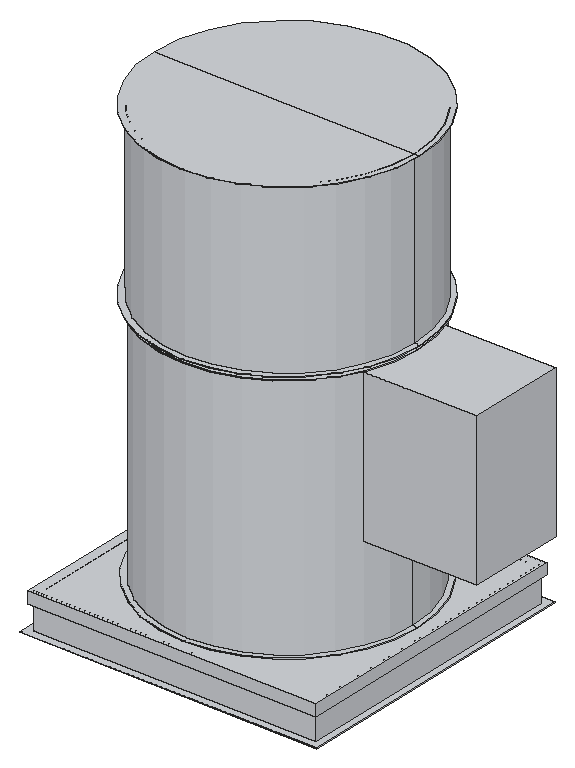
Revit family "TCNHU-B", category Mechanical Equipment, Revit 2019
Family settings
  Round Connector Dimension = Use Diameter
  Part Type = Normal
  Work Plane-Based = No
  Always vertical = Yes
  Cut with Voids When Loaded = No
  Shared = No
  Room Calculation Point = No
Parameters (values of type "445_TCNHU-B")
  Unit Weight [instance] = ""
  T_SQ/2 = T_SQ / 2  # 3' - 2"
  T_SQ = 6' - 4"
  Sones [instance] = ""
  RO/2 = RO / 2  # 2' - 11 3/4"
  RO = T_SQ - 0' 4 1/2"  # 5' - 11 1/2"
  Motor RPM [instance] = ""
  Motor Enclosure [instance] = ""
  ModelID [instance] = ""
  LwA [instance] = ""
  J/2 = J / 2  # 1' - 1"
  J = 2' - 2"
  H = 9' - 7 1/16"
  G = 3' - 4"
  Fan RPM [instance] = ""
  FAN_RAD = FAN_DIA / 2  # 2' - 9"
  FAN_DIA = 5' - 6"
  F = 8' - 2 11/16"
  E+A-1"-G = E + A - 0' 1" - G  # 2' - 4"
  E+A-1" = E + A - 0' 1"  # 5' - 8"
  E = 0' - 3"
  D/2 = D / 2  # 2' - 9"
  D = 5' - 6"
  CURB_HEIGHT [instance] = 0' - 9 1/2"
  CURB [instance] = yes
  C/2 = C / 2  # 2' - 11 1/8"
  C = 5' - 10 1/4"
  B = 3' - 10 1/16"
  Accessories [instance] = ""
  A-.5" = A - 0' 0 1/2"  # 5' - 5 1/2"
  A = 5' - 6"
  5" = 0' - 5"  # constant formula
  3" = 0' - 3"  # constant formula
  Brake Hp [instance] = ""
  4" = 0' - 4"  # constant formula
  2' = 2' - 0"
  2" = 0' - 2"  # constant formula
  1" = 0' - 1"  # constant formula
  0 = 0' - 0"  # constant formula
  Voltage [instance] = 0 V
  URL = "www.lorencook.com"
  Type Comments = "Tubular Centrifugal Upblast Roof Mounted / Exhaust Belt Drive"  # constant formula
  Static Pressure [instance] = 0.00 in-wg
  Power [instance] = Voltage * Motor FLA * sqrt(if(Phase = 3, 3, 1))  # 0 VA
  Phase [instance] = 0
  Number of Poles [instance] = 1
  Motor Hp [instance] = "0"
  Motor FLA [instance] = 0 A
  Model = "TCNHU-B"  # constant formula
  Manufacturer = "Loren Cook Company"
  CFM [instance] = 0 CFM
  1.5 = 0' - 1 1/2"  # constant formula
  ONE EIGTH = 0' - 0 1/8"  # constant formula
  (T_SQ/2)+.125" = (T_SQ / 2) + 0' 0 1/8"  # 3' - 2 1/8"
  (D+.25")/2 = (D + 0' 0 1/4") / 2  # 2' - 9 1/8"
  (B/2)-.5" = (B / 2) - 0' 0 1/2"  # 1' - 10 17/32"
Types (21): name | T_SQ/2 | T_SQ | RO/2 | RO | J/2 | J | H | G | FAN_RAD | FAN_DIA | F | E+A-1"-G | E+A-1" | E | D/2 | D | C/2 | C | B | A-.5" | A | (T_SQ/2)+.125" | (D+.25")/2 | (B/2)-.5"
  (no name) | 3' - 2" | 6' - 4" | 2' - 11 3/4" | 5' - 11 1/2" | 1' - 1" | 2' - 2" | 9' - 7 1/16" | 3' - 4" | 2' - 9" | 5' - 6" | 8' - 2 11/16" | 2' - 4" | 5' - 8" | 0' - 3" | 2' - 9" | 5' - 6" | 2' - 11 1/8" | 5' - 10 1/4" | 3' - 10 1/16" | 5' - 5 1/2" | 5' - 6" | 3' - 2 1/8" | 2' - 9 1/8" | 1' - 10 17/32"
  100_TCNHU-B | 1' - 0" | 2' - 0" | 0' - 9 3/4" | 1' - 7 1/2" | 0' - 6 1/2" | 1' - 1" | 3' - 3 7/8" | 1' - 6" | 0' - 8" | 1' - 4" | 2' - 9 1/4" | 0' - 6" | 2' - 0" | 0' - 3" | 0' - 8" | 1' - 4" | 0' - 9 1/2" | 1' - 7" | 1' - 2 7/8" | 1' - 9 1/2" | 1' - 10" | 1' - 0 1/8" | 0' - 8 1/8" | 0' - 6 15/16"
  120_TCNHU-B | 1' - 0" | 2' - 0" | 0' - 9 3/4" | 1' - 7 1/2" | 0' - 6 1/2" | 1' - 1" | 3' - 5 15/16" | 1' - 6" | 0' - 9" | 1' - 6" | 2' - 11" | 0' - 7" | 2' - 1" | 0' - 3" | 0' - 9" | 1' - 6" | 0' - 10 1/2" | 1' - 9" | 1' - 3 15/16" | 1' - 10 1/2" | 1' - 11" | 1' - 0 1/8" | 0' - 9 1/8" | 0' - 7 15/32"
  135_TCNHU-B | 1' - 2" | 2' - 4" | 0' - 11 3/4" | 1' - 11 1/2" | 0' - 6 1/2" | 1' - 1" | 3' - 9 1/2" | 1' - 6" | 0' - 10 1/2" | 1' - 9" | 3' - 3 1/8" | 0' - 8 1/2" | 2' - 2 1/2" | 0' - 3" | 0' - 10 1/2" | 1' - 9" | 1' - 0" | 2' - 0" | 1' - 6" | 2' - 0" | 2' - 0 1/2" | 1' - 2 1/8" | 0' - 10 5/8" | 0' - 8 1/2"
  150_TCNHU-B | 1' - 3" | 2' - 6" | 1' - 0 3/4" | 2' - 1 1/2" | 0' - 8 3/8" | 1' - 4 3/4" | 4' - 1 15/16" | 1' - 10" | 1' - 0" | 2' - 0" | 3' - 5 3/4" | 0' - 7" | 2' - 5" | 0' - 3" | 1' - 0" | 2' - 0" | 1' - 1 1/2" | 2' - 3" | 1' - 7 15/16" | 2' - 2 1/2" | 2' - 3" | 1' - 3 1/8" | 1' - 0 1/8" | 0' - 9 15/32"
  165_TCNHU-B | 1' - 3" | 2' - 6" | 1' - 0 3/4" | 2' - 1 1/2" | 0' - 8 3/8" | 1' - 4 3/4" | 4' - 4 3/8" | 1' - 10" | 1' - 1" | 2' - 2" | 3' - 7 3/16" | 0' - 8 1/2" | 2' - 6 1/2" | 0' - 3" | 1' - 1" | 2' - 2" | 1' - 2 1/2" | 2' - 5" | 1' - 8 7/8" | 2' - 4" | 2' - 4 1/2" | 1' - 3 1/8" | 1' - 1 1/8" | 0' - 9 15/16"
  180_TCNHU-B | 1' - 6" | 3' - 0" | 1' - 3 3/4" | 2' - 7 1/2" | 0' - 8 3/8" | 1' - 4 3/4" | 4' - 8 1/16" | 1' - 10" | 1' - 2" | 2' - 4" | 3' - 11 9/16" | 0' - 11" | 2' - 9" | 0' - 3" | 1' - 2" | 2' - 4" | 1' - 3 1/2" | 2' - 7" | 1' - 10 1/16" | 2' - 6 1/2" | 2' - 7" | 1' - 6 1/8" | 1' - 2 1/8" | 0' - 10 17/32"
  195_TCNHU-B | 1' - 7" | 3' - 2" | 1' - 4 3/4" | 2' - 9 1/2" | 0' - 8 3/8" | 1' - 4 3/4" | 5' - 0 11/16" | 1' - 10" | 1' - 3 1/2" | 2' - 7" | 4' - 2 7/16" | 1' - 1 1/4" | 2' - 11 1/4" | 0' - 3" | 1' - 3 1/2" | 2' - 7" | 1' - 5" | 2' - 10" | 2' - 0 7/16" | 2' - 8 3/4" | 2' - 9 1/4" | 1' - 7 1/8" | 1' - 3 5/8" | 0' - 11 23/32"
  210_TCNHU-B | 1' - 9" | 3' - 6" | 1' - 6 3/4" | 3' - 1 1/2" | 0' - 8 3/8" | 1' - 4 3/4" | 5' - 4 1/16" | 1' - 10" | 1' - 5" | 2' - 10" | 4' - 6 1/4" | 1' - 2 1/2" | 3' - 0 1/2" | 0' - 3" | 1' - 5" | 2' - 10" | 1' - 6 1/2" | 3' - 1" | 2' - 2 9/16" | 2' - 10" | 2' - 10 1/2" | 1' - 9 1/8" | 1' - 5 1/8" | 1' - 0 25/32"
  225_TCNHU-B | 1' - 9" | 3' - 6" | 1' - 6 3/4" | 3' - 1 1/2" | 0' - 9" | 1' - 6" | 5' - 5 3/4" | 2' - 1" | 1' - 6" | 3' - 0" | 4' - 11" | 1' - 0 1/2" | 3' - 1 1/2" | 0' - 3" | 1' - 6" | 3' - 0" | 1' - 8 1/8" | 3' - 4 1/4" | 2' - 3 1/4" | 2' - 11" | 2' - 11 1/2" | 1' - 9 1/8" | 1' - 6 1/8" | 1' - 1 1/8"
  245_TCNHU-B | 2' - 0" | 4' - 0" | 1' - 9 3/4" | 3' - 7 1/2" | 0' - 9" | 1' - 6" | 6' - 1 5/8" | 2' - 1" | 1' - 8" | 3' - 4" | 5' - 4 5/16" | 1' - 6" | 3' - 7" | 0' - 3" | 1' - 8" | 3' - 4" | 1' - 10 1/8" | 3' - 8 1/4" | 2' - 5 5/8" | 3' - 4 1/2" | 3' - 5" | 2' - 0 1/8" | 1' - 8 1/8" | 1' - 2 5/16"
  270_TCNHU-B | 2' - 3" | 4' - 6" | 2' - 0 3/4" | 4' - 1 1/2" | 0' - 10 1/2" | 1' - 9" | 6' - 10" | 2' - 6" | 1' - 10" | 3' - 8" | 5' - 11 11/16" | 1' - 6 1/2" | 4' - 0 1/2" | 0' - 3" | 1' - 10" | 3' - 8" | 2' - 0 1/8" | 4' - 0 1/4" | 2' - 8 1/2" | 3' - 10" | 3' - 10 1/2" | 2' - 3 1/8" | 1' - 10 1/8" | 1' - 3 3/4"
  300_TCNHU-B | 2' - 3" | 4' - 6" | 2' - 0 3/4" | 4' - 1 1/2" | 0' - 10 1/2" | 1' - 9" | 7' - 2 9/16" | 2' - 6" | 2' - 0" | 4' - 0" | 6' - 1 15/16" | 1' - 8 1/4" | 4' - 2 1/4" | 0' - 3" | 2' - 0" | 4' - 0" | 2' - 2 1/8" | 4' - 4 1/4" | 2' - 11 5/16" | 3' - 11 3/4" | 4' - 0 1/4" | 2' - 3 1/8" | 2' - 0 1/8" | 1' - 5 5/32"
  60_TCNHU-B | 1' - 0" | 2' - 0" | 0' - 9 3/4" | 1' - 7 1/2" | 0' - 6 1/2" | 1' - 1" | 3' - 3 7/8" | 1' - 6" | 0' - 8" | 1' - 4" | 2' - 9 1/4" | 0' - 6" | 2' - 0" | 0' - 3" | 0' - 8" | 1' - 4" | 0' - 9 1/2" | 1' - 7" | 1' - 2 7/8" | 1' - 9 1/2" | 1' - 10" | 1' - 0 1/8" | 0' - 8 1/8" | 0' - 6 15/16"
  70_TCNHU-B | 1' - 0" | 2' - 0" | 0' - 9 3/4" | 1' - 7 1/2" | 0' - 6 1/2" | 1' - 1" | 3' - 3 7/8" | 1' - 6" | 0' - 8" | 1' - 4" | 2' - 9 1/4" | 0' - 6" | 2' - 0" | 0' - 3" | 0' - 8" | 1' - 4" | 0' - 9 1/2" | 1' - 7" | 1' - 2 7/8" | 1' - 9 1/2" | 1' - 10" | 1' - 0 1/8" | 0' - 8 1/8" | 0' - 6 15/16"
  80_TCNHU-B | 1' - 0" | 2' - 0" | 0' - 9 3/4" | 1' - 7 1/2" | 0' - 6 1/2" | 1' - 1" | 3' - 3 7/8" | 1' - 6" | 0' - 8" | 1' - 4" | 2' - 9 1/4" | 0' - 6" | 2' - 0" | 0' - 3" | 0' - 8" | 1' - 4" | 0' - 9 1/2" | 1' - 7" | 1' - 2 7/8" | 1' - 9 1/2" | 1' - 10" | 1' - 0 1/8" | 0' - 8 1/8" | 0' - 6 15/16"
  330_TCNHU-B | 2' - 6" | 5' - 0" | 2' - 3 3/4" | 4' - 7 1/2" | 0' - 10 1/2" | 1' - 9" | 7' - 8 3/16" | 2' - 6" | 2' - 2" | 4' - 4" | 6' - 7 3/16" | 2' - 0" | 4' - 6" | 0' - 3" | 2' - 2" | 4' - 4" | 2' - 4 1/8" | 4' - 8 1/4" | 3' - 1 3/16" | 4' - 3 1/2" | 4' - 4" | 2' - 6 1/8" | 2' - 2 1/8" | 1' - 6 3/32"
  365_TCNHU-B | 2' - 7" | 5' - 2" | 2' - 4 3/4" | 4' - 9 1/2" | 0' - 10 1/2" | 1' - 9" | 7' - 11 9/16" | 2' - 6" | 2' - 3" | 4' - 6" | 6' - 9 3/8" | 2' - 2" | 4' - 8" | 0' - 3" | 2' - 3" | 4' - 6" | 2' - 5 1/8" | 4' - 10 1/4" | 3' - 2 9/16" | 4' - 5 1/2" | 4' - 6" | 2' - 7 1/8" | 2' - 3 1/8" | 1' - 6 25/32"
  402_TCNHU-B | 3' - 0" | 6' - 0" | 2' - 9 3/4" | 5' - 7 1/2" | 1' - 1" | 2' - 2" | 8' - 9 1/2" | 3' - 4" | 2' - 6" | 5' - 0" | 7' - 9 3/8" | 1' - 9 1/2" | 5' - 1 1/2" | 0' - 3" | 2' - 6" | 5' - 0" | 2' - 8 1/8" | 5' - 4 1/4" | 3' - 7" | 4' - 11" | 4' - 11 1/2" | 3' - 0 1/8" | 2' - 6 1/8" | 1' - 9"
  445_TCNHU-B | 3' - 2" | 6' - 4" | 2' - 11 3/4" | 5' - 11 1/2" | 1' - 1" | 2' - 2" | 9' - 7 1/16" | 3' - 4" | 2' - 9" | 5' - 6" | 8' - 2 11/16" | 2' - 4" | 5' - 8" | 0' - 3" | 2' - 9" | 5' - 6" | 2' - 11 1/8" | 5' - 10 1/4" | 3' - 10 1/16" | 5' - 5 1/2" | 5' - 6" | 3' - 2 1/8" | 2' - 9 1/8" | 1' - 10 17/32"
  490_TCNHU-B | 3' - 6" | 7' - 0" | 3' - 3 3/4" | 6' - 7 1/2" | 1' - 1" | 2' - 2" | 10' - 7 7/8" | 3' - 4" | 3' - 0 1/2" | 6' - 1" | 8' - 10 1/2" | 2' - 11 1/2" | 6' - 3 1/2" | 0' - 4" | 3' - 0 1/2" | 6' - 1" | 3' - 2 5/8" | 6' - 5 1/4" | 4' - 3 3/8" | 6' - 0" | 6' - 0 1/2" | 3' - 6 1/8" | 3' - 0 5/8" | 2' - 1 3/16"
Reference planes (in)
  plane 1 "Center (Front/Back)": y = 0
  plane 2: z = 0
  plane 3 "Center (Left/Right)": x = 0.40541
Forms (in)
  Extrusion 1, solid
    sketch origin (0, 0, 0) x (1, 0, 0) y (0, 1, 0)
      loop
        line (-37.71959, 38.125) -> (-37.71959, -38.125) -> (38.53041, -38.125) -> (38.53041, 38.125) -> (-37.71959, 38.125)
    from 0 to 3 <- "E"
  Extrusion 2, void
    sketch origin (0, 0, 0) x (1, 0, 0) y (0, 1, 0)
      loop
        line (-37.59459, 38) -> (-37.59459, -38) -> (38.40541, -38) -> (38.40541, 38) -> (-37.59459, 38)
    from 0 to 2.875
  Revolve 3, solid
    sketch origin (0, 0, 0) x (1, 0, 0) y (0, 0, 1)
      loop
        line (0.40541, 3) -> (35.03041, 3) -> (35.03041, 3.125) -> (33.53041, 3.125) -> (33.53041, 68.875) -> (35.03041, 68.875) -> (35.03041, 69) -> (32.03041, 69) -> (32.03041, 70) -> (35.53041, 70) -> (35.53041, 70.125) -> (34.03041, 70.125) -> (34.03041, 114.9375) -> (35.53041, 114.9375) -> (35.53041, 115.0625) -> (0.40541, 115.0625) -> (0.40541, 3)
      axis (0.40541, 115.0625) -> (0.40541, 3)
    angle from 0 to 360
  Extrusion 4, solid
    sketch origin (0, 0, 0) x (1, 0, 0) y (0, 1, 0)
      loop
        arc (30.87286, 13) -> (33.53041, 0) -> (30.87286, -13) r 33.125
        line (30.87286, -13) -> (60.96791, -13) -> (60.96791, 13) -> (30.87286, 13)
    from 28 <- "E+A-1"-G" to 68 <- "E+A-1""
  Extrusion 5, solid, visible <- "CURB"
    sketch origin (0, 0, 2.875) x (0, 1, 0) y (1, 0, 0)
      loop
        line (35.75, 36.15541) -> (-35.75, 36.15541) -> (-35.75, -35.34459) -> (35.75, -35.34459) -> (35.75, 36.15541)
      loop
        line (-37.25, -36.84459) -> (37.25, -36.84459) -> (37.25, 37.65541) -> (-37.25, 37.65541) -> (-37.25, -36.84459)
    from 0 to 9.5 <- "CURB_HEIGHT"
  Extrusion 6, solid, visible <- "CURB"
    sketch origin (0, 0, -6.625) x (-1, 0, 0) y (0, 1, 0)
      loop
        line (36.84459, -37.25) -> (36.84459, 37.25) -> (-37.65541, 37.25) -> (-37.65541, -37.25) -> (36.84459, -37.25)
      loop
        line (-39.65541, 39.25) -> (-39.65541, -39.25) -> (38.84459, -39.25) -> (38.84459, 39.25) -> (-39.65541, 39.25)
    from 0 to -0.125
Cuts and joins
  Extrusion 2 cuts Extrusion 1
Dimensions and locks (in)
  "(T_SQ/2)+.125"": Extrusion 1 sketch curve to plane 3 "Center (Left/Right)"
  "(T_SQ/2)+.125"": plane 3 "Center (Left/Right)" to Extrusion 1 sketch curve
  "(T_SQ/2)+.125"": plane 1 "Center (Front/Back)" to Extrusion 1 sketch curve
  "(T_SQ/2)+.125"": Extrusion 1 sketch curve to plane 1 "Center (Front/Back)"
  "ONE EIGTH": Extrusion 2 sketch curve to Extrusion 1  (x2)
  "ONE EIGTH": Extrusion 1 to Extrusion 2 sketch curve  (x2)
  "0": Revolve 3 sketch curve to cut or joined group of Extrusion 1, Extrusion 2
  "ONE EIGTH": Revolve 3 sketch curve to Revolve 3 sketch curve  (x4)
  "0": Revolve 3 sketch curve to plane 3 "Center (Left/Right)"  (x2)
  "H": Revolve 3 sketch curve to level
  "(D+.25")/2": Revolve 3 sketch curve to plane 3 "Center (Left/Right)"
  "1.5": Revolve 3 sketch curve to Revolve 3 sketch curve  (x5)
  "0": Extrusion 4 sketch curve to plane 3 "Center (Left/Right)"
  "0": Extrusion 4 sketch curve to plane 1 "Center (Front/Back)"
  "J/2": plane 1 "Center (Front/Back)" to Extrusion 4 sketch curve
  "J/2": Extrusion 4 sketch curve to plane 1 "Center (Front/Back)"
  "F": cut or joined group of Extrusion 1, Extrusion 2 to Extrusion 4 sketch curve
  "A": Revolve 3 sketch curve to cut or joined group of Extrusion 1, Extrusion 2
  "1"": Revolve 3 sketch curve to Revolve 3 sketch curve
  "C/2": Revolve 3 sketch curve to plane 3 "Center (Left/Right)"
  "RO/2": Extrusion 5 sketch curve to plane 3 "Center (Left/Right)"
  "1.5": Extrusion 5 sketch curve to Extrusion 5 sketch curve  (x4)
  "RO/2": plane 3 "Center (Left/Right)" to Extrusion 5 sketch curve
  "RO/2": Extrusion 5 sketch curve to plane 1 "Center (Front/Back)"  (x2)
  "2"": Extrusion 6 sketch curve to Extrusion 6 sketch curve  (x4)
  "0": Extrusion 5 to Extrusion 6 sketch curve
  "0": Extrusion 6 sketch curve to Extrusion 5  (x3)
  "(D+.25")/2": radius of Extrusion 4 sketch curve
Automatic sketch dimensions
  Extrusion 4 sketch curve to Extrusion 4 sketch curve = 0' - 0"
  Revolve 3 sketch curve to level = 0' - 0"
  Revolve 3 sketch curve to level = 0' - 4"
Connectors (in)
  electrical at (45.92039, 0, 28)
    settings: on Extrusion 4, index 1, voltage 0 V, apparent load 0 VA, apparent load phase1 0 VA, apparent load phase2 0 VA, apparent load phase3 0 VA, power factor 1, load classification "Other", number of poles 1, system type 30, power factor state 1, is connector primary yes, connector utility no, sub classification motor no, connector description ""
  hvac at (0.40541, 0, 2.875), driven by "CFM", driven by "RO", driven by "RO"
    settings: on cut or joined group of Extrusion 1, Extrusion 2, index 2, duct flow 0 CFM, flow factor 0, pres drop 0.00 in-wg, loss coef 0, conn angle 0.00°, conn width 71 1/2", conn height 71 1/2", conn diameter 24", duct sys type 3, conn prof type 1, flow config 0, flow direction 1, loss method 0, conn ref index -1, conn util no, is conn primary yes, conn desc ""
